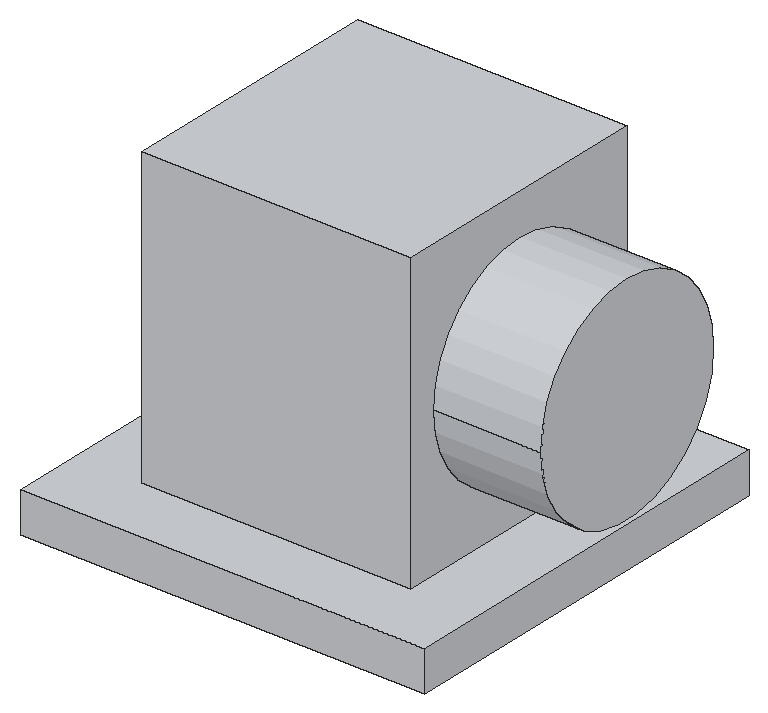
Revit family "TD_Bouche soufflage D160", category Bouche d'aération, Revit 2026
Family settings
  Cote de connecteur circulaire = Utiliser le diamètre
  Type d'élément = Normal
  Basée sur le plan de construction = Non
  Toujours verticalement = Oui
  Couper avec des vides une fois chargée = Non
  Conserver l'orientation des annotations = Non
  Partagée = Non
  Repère de localisation dans la pièce = Non
Parameters (values of type "TD_Bouche soufflage D160")
  Elévation par défaut = 0 mm
  Débit [instance] = 0.0 L/s
Reference planes
  plane 1 "Centre (avant/arrière)": y = 0
  plane 2: z = 0
  plane 3 "Centre (gauche/droite)": x = 0
Forms (mm)
  Extrusion 1, solid
    sketch origin (0, 0, 0) x (1, 0, 0) y (0, 1, 0)
      loop
        line (-150, -150) -> (150, -150) -> (150, 150) -> (-150, 150) -> (-150, -150)
    from 0 to 30
  Extrusion 2, solid
    sketch origin (0, 0, 0) x (1, 0, 0) y (0, 1, 0)
      loop
        line (-100, -100) -> (100, -100) -> (100, 100) -> (-100, 100) -> (-100, -100)
    from 30 to 250
  Extrusion 3, solid
    sketch origin (100, 0, 140) x (0, 1, 0) y (0, 0, 1)
      loop
        circle (0, 0) r 80
    from 0 to 80
Dimensions and locks
  aligned and locked: level to plane 2
Connectors
  hvac at (180, 0, 140), driven by "Débit"
    settings: on Extrusion 3, index 1, duct flow 0.0 L/s, flow factor 0, pres drop 0.0 Pa, loss coef 0, conn angle 0.00°, conn width 304.8 mm, conn height 304.8 mm, conn diameter 160 mm, duct sys type 1, conn prof type 0, flow config 1, flow direction 1, loss method 0, conn ref index -1, conn util no, is conn primary yes, conn desc ""
